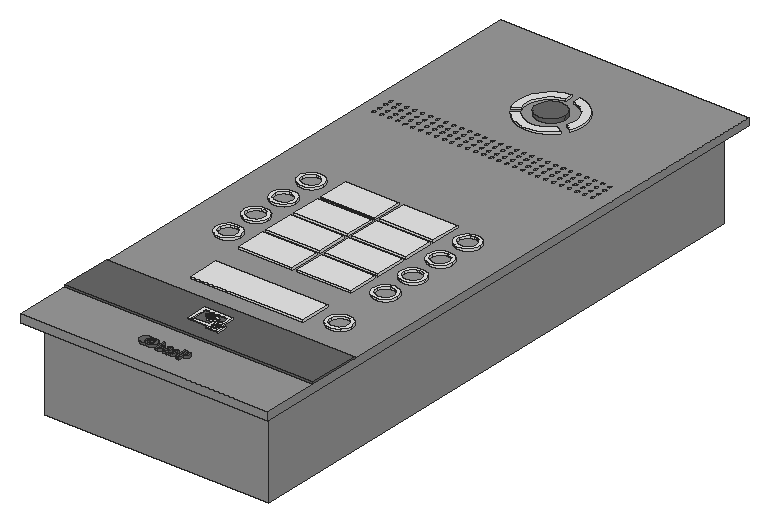
Revit family "BI-08FB", category Устройства связи, Revit 2022
Family settings
  Размер круглого соединителя = Использовать диаметр
  Тип детали = Нормальный
  На основе рабочей плоскости = Да
  Всегда вертикально = Нет
  При загрузке вырезать с полостями = Нет
  Сохранять ориентацию аннотаций = Нет
  Общий = Да
  Точка принадлежности помещению = Нет
Parameters (values of type "BI-08FB")
  Цветовое решение = "Серебро, Золото, Чёрный"
  Угол обзора = "По горизонтали 90°, по вертикали 62°"
  Тип установки = "Врезная, накладная с BR-AA12"
  Тип панели = "Многокнопочная"
  Тип клавиатуры = "Механические кнопки с подсветкой"
  Температурный режим = "-40 ... +65 °С"
  Режим разговора = "Двухсторонний"
  Разрешение камеры = "2.0 Мп"
  Размер панели = "158х379х49 мм"
  Размер под установку = "141х359х58 мм"
  Потребление питания = "6,5 Вт, в режиме ожидания – 3,6 Вт"
  Поддерживаемые аудиокодеки = "G.711u"
  Питание = "+12 В (+8% -4%) и PoE"
  Default Elevation = 0 mm
  Открытие замка = "С монитора, по HTTP, по коду, по карте, из приложения UKEY, из приложения BAS-IP Intercom, по распознаванию лиц"
  Описание = "BAS-IP BI-08FB - Вызывные панели BI-02B, BI-04B, BI-06B, BI-08B, BI-12B доступны в золотом, серебряном и черном цветах. Они оснащены широкоугольной камерой и поддерживают мобильный доступ BAS-IP UKEY.\r\nС помощью этих панелей можно совершать прямые звонки как на внутренние мониторы, так и на монитора консьержа. Устройство отлично вписывается в интерьер небольшого офиса или коттеджа"
  Ночная подсветка = "6 светодиодов"
  Минимальная освещенность = "0,01 LuX"
  Материал корпуса = Материал серый
  Корпус = "Металлический"
  Контроль доступа = "Мультиформатный считыватель с поддержкой технологии UKEY (EM-Marin, Mifare, BLE, NFC), 3D датчик распознавания лица"
  Количество мелодий вызова = "Возможность установки пользовательской мелодии"
  Кнопки быстрого вызова = "Кнопка вызова консьержа"
  Класс степени защиты = "IP65"
  Камера = "1/3”"
  Интерфейс = "Мультиязычный WEB–интерфейс"
  Интеграция со СКУД = "Выход WIEGAND-26, 32, 34, 37, 40, 42, 56, 58, 64 бит"
  Изображение типоразмера = <Нет>
  Изготовитель = "BAS-IP"
  Дополнительно = "SIP P2P, Встроенное реле, датчик приближения, открытый API, поддержка ПО Link"
  Дисплей = "Нет"
  Группа модели = "Вызывная панель"
  Выходное видео = "HD (1920×1080), H.264 Main Profile"
  Аутентификация = "Отдельный пароль на настройки, WEB–интерфейс"
  URL = "https://www.bas-ip.ru"
  Email разработчика семейства = "lytvynchukartur@gmail.com"
  BIM library = "https://bimlib.ru/manufacturer/"
  ADSK_Размер_Ширина = 158 mm
  ADSK_Размер_Толщина = 49 mm
  ADSK_Размер_Длина = 379 mm
  ADSK_Примечание = ""
  ADSK_Полная мощность = 6.5 VA  # constant formula
  ADSK_Позиция = ""
  ADSK_Обозначение = ""
  ADSK_Номинальная мощность = 6.5 W
  ADSK_Напряжение = 12 V
  ADSK_Наименование краткое = "BI-08FB"
  ADSK_Наименование = "ВЫЗЫВНАЯ ПАНЕЛЬ BI-08FB"
  ADSK_Масса_Текст = ""
  ADSK_Марка = "BI-08FB"
  ADSK_Коэффициент мощности = 0.9
  ADSK_Количество фаз = 1
  ADSK_Код изделия = ""
  ADSK_Классификация нагрузок = Вызывная панель
  ADSK_Зона = ""
  ADSK_Завод-изготовитель = "BAS-IP"
  ADSK_Единица измерения = "шт"
  ADSK_Версия Revit = "Revit 2020"  # constant formula
  ADSK_URL страницы изделия = "https://www.bas-ip.ru/catalog/panels/bi-08b/"
  ADSK_URL документации изделия = "https://wiki.bas-ip.com/bipanels/ru/bi-02fb-bi-04fb-bi-06fb-bi-08fb-bi-12fb-18547406.html"
Reference planes
  plane 1 "По центру (Вперед/Назад)": y = 0
  plane 2: z = 0
  plane 3 "По центру (Влево/Вправо)": x = 0
Forms (mm)
  Extrusion 1, solid, material "Материал серый" <- "Материал корпуса", detail levels medium+fine
    sketch origin (544.897, 48.335, -2.742) x (1, 0, 0) y (0, 1, 0)
      loop
        line (-614.897, 129.165) -> (-614.897, -225.835) -> (-474.897, -225.835) -> (-474.897, 129.165) -> (-614.897, 129.165)
    from -50.258 to 2.742
  Extrusion 2, solid, material "Материал белый", detail levels medium+fine
    sketch origin (-195, -21.397, 55) x (1, 0, 0) y (0, 1, 0)
      loop
        arc (192.525, 171.244) -> (177.679, 161.397) -> (176.575, 143.618) r 20
        line (176.575, 143.618) -> (180.95, 146.143)
        arc (180.95, 146.143) -> (182.01, 158.897) -> (192.525, 166.192) r 15
        line (192.525, 166.192) -> (192.525, 171.244)
      loop
        arc (197.475, 166.192) -> (207.99, 158.897) -> (209.05, 146.143) r 15
        line (209.05, 146.143) -> (213.425, 143.618)
        arc (213.425, 143.618) -> (212.321, 161.397) -> (197.475, 171.244) r 20
        line (197.475, 171.244) -> (197.475, 166.192)
      loop
        arc (206.575, 141.857) -> (195, 136.397) -> (183.425, 141.857) r 15
        line (183.425, 141.857) -> (179.05, 139.331)
        arc (179.05, 139.331) -> (195, 131.397) -> (210.95, 139.331) r 20
        line (210.95, 139.331) -> (206.575, 141.857)
    from -52 to -49
  Extrusion 3, solid, material "Материал черный", detail levels medium+fine
    sketch origin (-195, -21.397, 55) x (1, 0, 0) y (0, 1, 0)
      loop
        circle (195, 151.397) r 9
    from -52 to -48
  Extrusion 4, solid, material "Материал серый" <- "Материал корпуса", detail levels medium+fine
    sketch origin (191.684, -200.438, 54) x (1, 0, 0) y (0, 1, 0)
      loop
        line (-269.184, 387.938) -> (-269.184, 12.938) -> (-114.184, 12.938) -> (-114.184, 387.938) -> (-269.184, 387.938)
      loop
        circle (-191.684, 291.429) r 1
      loop
        circle (-191.684, 286.929) r 1
      loop
        circle (-191.684, 282.429) r 1
      loop
        circle (-191.684, 277.929) r 1
      loop
        circle (-196.571, 291.429) r 1
      loop
        circle (-196.571, 286.929) r 1
      loop
        circle (-196.571, 282.429) r 1
      loop
        circle (-196.571, 277.929) r 1
      loop
        circle (-201.457, 291.429) r 1
      loop
        circle (-201.457, 286.929) r 1
      loop
        circle (-201.457, 282.429) r 1
      loop
        circle (-201.457, 277.929) r 1
      loop
        circle (-206.344, 291.429) r 1
      loop
        circle (-206.344, 286.929) r 1
      loop
        circle (-206.344, 282.429) r 1
      loop
        circle (-206.344, 277.929) r 1
      loop
        circle (-211.231, 291.429) r 1
      loop
        circle (-211.231, 286.929) r 1
      loop
        circle (-211.231, 282.429) r 1
      loop
        circle (-211.231, 277.929) r 1
      loop
        circle (-216.117, 291.429) r 1
      loop
        circle (-216.117, 286.929) r 1
      loop
        circle (-216.117, 282.429) r 1
      loop
        circle (-216.117, 277.929) r 1
      loop
        circle (-221.004, 291.429) r 1
      loop
        circle (-221.004, 286.929) r 1
      loop
        circle (-221.004, 282.429) r 1
      loop
        circle (-221.004, 277.929) r 1
      loop
        circle (-225.891, 291.429) r 1
      loop
        circle (-225.891, 286.929) r 1
      loop
        circle (-225.891, 282.429) r 1
      loop
        circle (-225.891, 277.929) r 1
      loop
        circle (-230.777, 291.429) r 1
      loop
        circle (-230.777, 286.929) r 1
      loop
        circle (-230.777, 282.429) r 1
      loop
        circle (-230.777, 277.929) r 1
      loop
        circle (-235.664, 291.429) r 1
      loop
        circle (-235.664, 286.929) r 1
      loop
        circle (-235.664, 282.429) r 1
      loop
        circle (-235.664, 277.929) r 1
      loop
        circle (-240.551, 291.429) r 1
      loop
        circle (-240.551, 286.929) r 1
      loop
        circle (-240.551, 282.429) r 1
      loop
        circle (-240.551, 277.929) r 1
      loop
        circle (-245.437, 291.429) r 1
      loop
        circle (-245.437, 286.929) r 1
      loop
        circle (-245.437, 282.429) r 1
      loop
        circle (-245.437, 277.929) r 1
      loop
        circle (-250.324, 291.429) r 1
      loop
        circle (-250.324, 286.929) r 1
      loop
        circle (-250.324, 282.429) r 1
      loop
        circle (-250.324, 277.929) r 1
      loop
        circle (-255.211, 291.429) r 1
      loop
        circle (-255.211, 286.929) r 1
      loop
        circle (-255.211, 282.429) r 1
      loop
        circle (-255.211, 277.929) r 1
      loop
        circle (-260.097, 291.429) r 1
      loop
        circle (-260.097, 286.929) r 1
      loop
        circle (-260.097, 282.429) r 1
      loop
        circle (-260.097, 277.929) r 1
      loop
        circle (-186.797, 291.429) r 1
      loop
        circle (-186.797, 286.929) r 1
      loop
        circle (-186.797, 282.429) r 1
      loop
        circle (-186.797, 277.929) r 1
      loop
        circle (-181.91, 291.429) r 1
      loop
        circle (-181.91, 286.929) r 1
      loop
        circle (-181.91, 282.429) r 1
      loop
        circle (-181.91, 277.929) r 1
      loop
        circle (-177.024, 291.429) r 1
      loop
        circle (-177.024, 286.929) r 1
      loop
        circle (-177.024, 282.429) r 1
      loop
        circle (-177.024, 277.929) r 1
      loop
        circle (-172.137, 291.429) r 1
      loop
        circle (-172.137, 286.929) r 1
      loop
        circle (-172.137, 282.429) r 1
      loop
        circle (-172.137, 277.929) r 1
      loop
        circle (-167.25, 291.429) r 1
      loop
        circle (-167.25, 286.929) r 1
      loop
        circle (-167.25, 282.429) r 1
      loop
        circle (-167.25, 277.929) r 1
      loop
        circle (-162.364, 291.429) r 1
      loop
        circle (-162.364, 286.929) r 1
      loop
        circle (-162.364, 282.429) r 1
      loop
        circle (-162.364, 277.929) r 1
      loop
        circle (-157.477, 291.429) r 1
      loop
        circle (-157.477, 286.929) r 1
      loop
        circle (-157.477, 282.429) r 1
      loop
        circle (-157.477, 277.929) r 1
      loop
        circle (-152.59, 291.429) r 1
      loop
        circle (-152.59, 286.929) r 1
      loop
        circle (-152.59, 282.429) r 1
      loop
        circle (-152.59, 277.929) r 1
      loop
        circle (-147.704, 291.429) r 1
      loop
        circle (-147.704, 286.929) r 1
      loop
        circle (-147.704, 282.429) r 1
      loop
        circle (-147.704, 277.929) r 1
      loop
        circle (-142.817, 291.429) r 1
      loop
        circle (-142.817, 286.929) r 1
      loop
        circle (-142.817, 282.429) r 1
      loop
        circle (-142.817, 277.929) r 1
      loop
        circle (-137.93, 291.429) r 1
      loop
        circle (-137.93, 286.929) r 1
      loop
        circle (-137.93, 282.429) r 1
      loop
        circle (-137.93, 277.929) r 1
      loop
        circle (-133.044, 291.429) r 1
      loop
        circle (-133.044, 286.929) r 1
      loop
        circle (-133.044, 282.429) r 1
      loop
        circle (-133.044, 277.929) r 1
      loop
        circle (-128.157, 291.429) r 1
      loop
        circle (-128.157, 286.929) r 1
      loop
        circle (-128.157, 282.429) r 1
      loop
        circle (-128.157, 277.929) r 1
      loop
        circle (-123.27, 291.429) r 1
      loop
        circle (-123.27, 286.929) r 1
      loop
        circle (-123.27, 282.429) r 1
      loop
        circle (-123.27, 277.929) r 1
    from -54 to -49
  Extrusion 5, solid, material "Материал черный", detail levels medium+fine
    sketch origin (-347.374, 13, 55) x (1, 0, 0) y (0, 1, 0)
      loop
        line (355.91, -186.947) -> (356.876, -186.947) -> (356.876, -179.913) -> (355.91, -179.913) -> (355.91, -186.947)
      loop
        line (357.377, -186.947) -> (358.377, -186.947) -> (358.377, -184.451)
        arc (358.377, -184.451) -> (361.041, -182.66) -> (359.379, -179.913) r 2.326
        line (359.379, -179.913) -> (357.377, -179.913) -> (357.377, -186.947)
      loop
        arc (358.377, -183.451) -> (360.221, -182.217) -> (358.377, -180.983) r 1.335
        line (358.377, -180.983) -> (358.377, -183.451)
      loop
        line (342.946, -179.913) -> (342.946, -186.947) -> (344.968, -186.947)
        spline (344.968, -186.947) -> (345.634, -186.72) -> (346.221, -186.353) -> (346.689, -185.871) -> (347.005, -185.307) -> (347.148, -184.699) -> (347.109, -184.089) -> (346.89, -183.519) -> (346.506, -183.026) -> (345.984, -182.646) -> (345.358, -182.403) -> (344.672, -182.314) -> (343.972, -182.385)
        line (343.972, -182.385) -> (343.972, -179.913) -> (342.946, -179.913)
      loop
        line (343.972, -183.426) -> (343.972, -185.927) -> (345.157, -185.927)
        spline (345.157, -185.927) -> (345.542, -185.692) -> (345.86, -185.388) -> (346.09, -185.036) -> (346.217, -184.659) -> (346.23, -184.283) -> (346.13, -183.934) -> (345.923, -183.636) -> (345.624, -183.408) -> (345.252, -183.267) -> (344.834, -183.222) -> (344.397, -183.276) -> (343.972, -183.426)
      loop
        line (354.371, -183.077) -> (354.371, -182.08)
        arc (354.371, -182.08) -> (353.527, -181.636) -> (352.582, -181.765) r 1.562
        arc (352.582, -181.765) -> (351.902, -182.393) -> (351.698, -183.296) r 1.562
        arc (351.698, -183.296) -> (352.118, -184.311) -> (353.134, -184.732) r 1.436
        arc (353.134, -184.732) -> (353.678, -184.957) -> (353.903, -185.501) r 0.769
        arc (353.903, -185.501) -> (353.519, -186.167) -> (352.749, -186.167) r 0.769
        line (352.749, -186.167) -> (351.665, -185.976) -> (351.665, -186.777) -> (353.173, -187.043)
        arc (353.173, -187.043) -> (354.539, -185.977) -> (354.178, -184.282) r 1.634
        line (354.178, -184.282) -> (353.112, -183.956)
        arc (353.112, -183.956) -> (352.563, -183.005) -> (353.595, -182.629) r 0.717
        line (353.595, -182.629) -> (354.371, -183.077)
      loop
        line (350.666, -186.947) -> (350.666, -182.599)
        arc (350.666, -182.599) -> (349.304, -181.597) -> (347.682, -182.073) r 1.905
        arc (347.682, -182.073) -> (347.604, -182.585) -> (348.086, -182.774) r 0.415
        arc (348.086, -182.774) -> (349.009, -182.264) -> (349.931, -182.774) r 1.09
        line (349.931, -182.774) -> (349.931, -183.578) -> (348.501, -183.578)
        arc (348.501, -183.578) -> (347.388, -185.155) -> (348.105, -186.947) r 2.022
        line (348.105, -186.947) -> (350.666, -186.947)
      loop
        line (349.931, -185.927) -> (349.931, -184.364) -> (348.861, -184.364)
        arc (348.861, -184.364) -> (348.08, -185.146) -> (348.861, -185.927) r 0.781
        line (348.861, -185.927) -> (349.931, -185.927)
      loop
        spline (337.212, -183.2) -> (337.246, -183.454) -> (337.345, -183.691) -> (337.502, -183.894) -> (337.707, -184.05) -> (337.946, -184.149) -> (338.203, -184.182) -> (338.459, -184.149) -> (338.698, -184.05) -> (338.903, -183.894) -> (339.061, -183.691) -> (339.159, -183.454) -> (339.193, -183.2)
        spline (339.193, -183.2) -> (339.159, -182.946) -> (339.061, -182.709) -> (338.903, -182.505) -> (338.698, -182.349) -> (338.459, -182.251) -> (338.203, -182.218) -> (337.946, -182.251) -> (337.707, -182.349) -> (337.502, -182.505) -> (337.345, -182.709) -> (337.246, -182.946) -> (337.212, -183.2)
      loop
        spline (336.121, -183.2) -> (336.192, -183.734) -> (336.4, -184.232) -> (336.731, -184.659) -> (337.162, -184.987) -> (337.664, -185.193) -> (338.203, -185.264) -> (338.741, -185.193) -> (339.243, -184.987) -> (339.674, -184.659) -> (340.005, -184.232) -> (340.213, -183.734) -> (340.284, -183.2)
        spline (340.284, -183.2) -> (340.213, -182.666) -> (340.005, -182.168) -> (339.674, -181.741) -> (339.243, -181.413) -> (338.741, -181.206) -> (338.203, -181.136) -> (337.664, -181.206) -> (337.162, -181.413) -> (336.731, -181.741) -> (336.4, -182.168) -> (336.192, -182.666) -> (336.121, -183.2)
      loop
        spline (334.697, -183.2) -> (334.817, -184.089) -> (335.167, -184.917) -> (335.724, -185.628) -> (336.45, -186.173) -> (337.295, -186.516) -> (338.203, -186.633) -> (339.11, -186.516) -> (339.955, -186.173) -> (340.681, -185.628) -> (341.238, -184.917) -> (341.589, -184.089) -> (341.708, -183.2)
        spline (341.708, -183.2) -> (341.589, -182.311) -> (341.238, -181.483) -> (340.681, -180.772) -> (339.955, -180.226) -> (339.11, -179.883) -> (338.203, -179.766) -> (337.295, -179.883) -> (336.45, -180.226) -> (335.724, -180.772) -> (335.167, -181.483) -> (334.817, -182.311) -> (334.697, -183.2)
    from -52 to -49
  Extrusion 6, solid, material "Материал черный", detail levels medium+fine
    sketch origin (-377.374, 13, 55) x (1, 0, 0) y (0, 1, 0)
      loop
        spline (366.353, -186.117) -> (365.878, -185.77) -> (365.47, -185.35) -> (365.139, -184.869) -> (364.896, -184.34) -> (364.747, -183.778) -> (364.697, -183.2) -> (364.747, -182.622) -> (364.896, -182.06) -> (365.139, -181.531) -> (365.47, -181.05) -> (365.878, -180.63) -> (366.353, -180.283)
        spline (366.353, -180.283) -> (365.205, -179.836) -> (363.969, -179.807) -> (362.8, -180.199) -> (361.843, -180.965) -> (361.216, -182.008) -> (360.998, -183.2) -> (361.216, -184.391) -> (361.843, -185.435) -> (362.8, -186.201) -> (363.969, -186.593) -> (365.205, -186.564) -> (366.353, -186.117)
    from -52 to -49
  Extrusion 7, solid, material "Материал черный", detail levels medium+fine
    sketch origin (-345.926, 40.637, 55) x (1, 0, 0) y (0, 1, 0)
      loop
        line (268.426, -193.137) -> (423.426, -193.137) -> (423.426, -160.637) -> (268.426, -160.637) -> (268.426, -193.137)
    from -52 to -49
  Extrusion 8, solid, material "Материал белый", detail levels medium+fine
    sketch origin (-144.354, -265.893, 55) x (1, 0, 0) y (0, 1, 0)
      loop
        circle (194.354, 168.393) r 7.5
      loop
        circle (194.354, 168.393) r 5.5
    from -52 to -49
  Extrusion 9, solid, material "Материал белый", detail levels medium+fine
    sketch origin (-145.354, -228.893, 55) x (1, 0, 0) y (0, 1, 0)
      loop
        circle (194.354, 168.393) r 7.5
      loop
        circle (194.354, 168.393) r 5.5
    from -52 to -49
  Extrusion 10, solid, material "Материал белый", detail levels medium+fine
    sketch origin (-145.354, -207.393, 55) x (1, 0, 0) y (0, 1, 0)
      loop
        circle (194.354, 168.393) r 7.5
      loop
        circle (194.354, 168.393) r 5.5
    from -52 to -49
  Extrusion 11, solid, material "Материал белый", detail levels medium+fine
    sketch origin (-155.763, -315.55, 55) x (1, 0, 0) y (0, 1, 0)
      loop
        line (159.176, 173.833) -> (165.176, 173.833) -> (165.176, 177.793) -> (159.176, 177.793) -> (159.176, 173.833)
      loop
        line (158.176, 178.793) -> (159.676, 178.793)
        arc (159.676, 178.793) -> (160.341, 180.491) -> (161.981, 181.285) r 2.5
        line (161.981, 181.285) -> (161.981, 186.283) -> (147.395, 186.283) -> (147.395, 175.996) -> (158.176, 175.996) -> (158.176, 178.793)
      loop
        line (166.176, 178.793) -> (164.676, 178.793)
        arc (164.676, 178.793) -> (164.357, 180.015) -> (163.481, 180.925) r 2.5
        line (163.481, 180.925) -> (163.481, 187.783) -> (145.895, 187.783) -> (145.895, 174.496) -> (158.176, 174.496) -> (158.176, 172.833) -> (166.176, 172.833) -> (166.176, 178.793)
      loop
        arc (163.876, 178.793) -> (162.176, 180.493) -> (160.476, 178.793) r 1.7
        line (160.476, 178.793) -> (163.876, 178.793)
      loop
        circle (162.176, 175.813) r 0.794
      loop
        circle (162.176, 175.813) r 1.4
      loop
        arc (156.25, 180.012) -> (154.688, 180.451) -> (153.126, 180.012) r 3
        line (153.126, 180.012) -> (153.865, 179.274)
        arc (153.865, 179.274) -> (154.688, 179.451) -> (155.511, 179.274) r 2
        line (155.511, 179.274) -> (156.25, 180.012)
      loop
        line (156.972, 180.735) -> (157.688, 181.451)
        arc (157.688, 181.451) -> (154.688, 182.451) -> (151.688, 181.451) r 5
        line (151.688, 181.451) -> (152.404, 180.735)
        arc (152.404, 180.735) -> (154.688, 181.451) -> (156.972, 180.735) r 4
      loop
        line (158.401, 182.164) -> (159.112, 182.875)
        arc (159.112, 182.875) -> (154.688, 184.451) -> (150.264, 182.875) r 7
        line (150.264, 182.875) -> (150.975, 182.164)
        arc (150.975, 182.164) -> (154.688, 183.451) -> (158.401, 182.164) r 6
    from -52 to -48.557
  Extrusion 12, solid, material "Материал белый", detail levels medium+fine
    sketch origin (-195.852, -265.893, 55) x (1, 0, 0) y (0, 1, 0)
      loop
        line (160.852, 158.393) -> (230.852, 158.393) -> (230.852, 178.393) -> (160.852, 178.393) -> (160.852, 158.393)
      loop
        line (197.352, 195.893) -> (230.852, 195.893) -> (230.852, 214.893) -> (197.352, 214.893) -> (197.352, 195.893)
      loop
        line (197.352, 217.393) -> (230.852, 217.393) -> (230.852, 236.393) -> (197.352, 236.393) -> (197.352, 217.393)
      loop
        line (197.352, 238.893) -> (230.852, 238.893) -> (230.852, 257.893) -> (197.352, 257.893) -> (197.352, 238.893)
      loop
        line (194.352, 195.893) -> (194.352, 214.893) -> (160.852, 214.893) -> (160.852, 195.893) -> (194.352, 195.893)
      loop
        line (194.352, 217.393) -> (194.352, 236.393) -> (160.852, 236.393) -> (160.852, 217.393) -> (194.352, 217.393)
      loop
        line (194.352, 238.893) -> (194.352, 257.893) -> (160.852, 257.893) -> (160.852, 238.893) -> (194.352, 238.893)
      loop
        line (197.352, 260.393) -> (230.852, 260.393) -> (230.852, 279.393) -> (197.352, 279.393) -> (197.352, 260.393)
      loop
        line (194.352, 260.393) -> (194.352, 279.393) -> (160.852, 279.393) -> (160.852, 260.393) -> (194.352, 260.393)
    from -52 to -49
  Extrusion 13, solid, material "Материал белый", detail levels medium+fine
    sketch origin (-145.354, -185.893, 55) x (1, 0, 0) y (0, 1, 0)
      loop
        circle (194.354, 168.393) r 7.5
      loop
        circle (194.354, 168.393) r 5.5
    from -52 to -49
  Extrusion 14, solid, material "Материал белый", detail levels medium+fine
    sketch origin (145.354, -228.893, 55) x (-1, 0, 0) y (0, -1, 0)
      loop
        circle (194.354, -168.393) r 7.5
      loop
        circle (194.354, -168.393) r 5.5
    from -52 to -49
  Extrusion 15, solid, material "Материал белый", detail levels medium+fine
    sketch origin (145.354, -207.393, 55) x (-1, 0, 0) y (0, -1, 0)
      loop
        circle (194.354, -168.393) r 7.5
      loop
        circle (194.354, -168.393) r 5.5
    from -52 to -49
  Extrusion 16, solid, material "Материал белый", detail levels medium+fine
    sketch origin (145.354, -185.893, 55) x (-1, 0, 0) y (0, -1, 0)
      loop
        circle (194.354, -168.393) r 7.5
      loop
        circle (194.354, -168.393) r 5.5
    from -52 to -49
  Extrusion 17, solid, material "Материал белый", detail levels medium+fine
    sketch origin (-145.354, -164.393, 55) x (1, 0, 0) y (0, 1, 0)
      loop
        circle (194.354, 168.393) r 7.5
      loop
        circle (194.354, 168.393) r 5.5
    from -52 to -49
  Extrusion 18, solid, material "Материал белый", detail levels medium+fine
    sketch origin (145.354, -164.393, 55) x (-1, 0, 0) y (0, -1, 0)
      loop
        circle (194.354, -168.393) r 7.5
      loop
        circle (194.354, -168.393) r 5.5
    from -52 to -49
Lines and regions (mm)
  symbolic lines
    curve 1: line (-77.5, -187.5, 0) -> (77.5, -187.5, 0)
    curve 2: line (-77.5, -187.5, 0) -> (77.5, -187.5, 0)
Dimensions and locks
  aligned and locked: level to plane 2
Connectors
  electrical at (0, 0, -53)
    settings: on Extrusion 1, index 5, voltage 0 V, apparent load 0 VA, apparent load phase1 0 VA, apparent load phase2 0 VA, apparent load phase3 0 VA, power factor 1, load classification "Прочее", number of poles 1, system type 13, power factor state 1, is connector primary yes, connector utility no, sub classification motor no, connector description "Должны быть подведены провода для подключения замка и дополнительных модулей (опционально)"
  electrical at (7.231, 0.308, -53)
    settings: on Extrusion 1, index 10, voltage 12 V, apparent load 6.5 VA, apparent load phase1 0 VA, apparent load phase2 0 VA, apparent load phase3 0 VA, power factor 0.9, load classification "Вызывная панель", number of poles 1, system type 30, power factor state 1, is connector primary no, connector utility no, sub classification motor no, connector description "Блок питания на +12 Вольт, 2 Ампера"
  electrical at (-7.769, 0.308, -53)
    settings: on Extrusion 1, index 13, voltage 0 V, apparent load 0 VA, apparent load phase1 0 VA, apparent load phase2 0 VA, apparent load phase3 0 VA, power factor 1, load classification "Прочее", number of poles 1, system type 5, power factor state 1, is connector primary no, connector utility no, sub classification motor no, connector description "Кабель Ethernet UTP cat5 или выше, подключенный к сетевому коммутатору/маршрутизатору"
